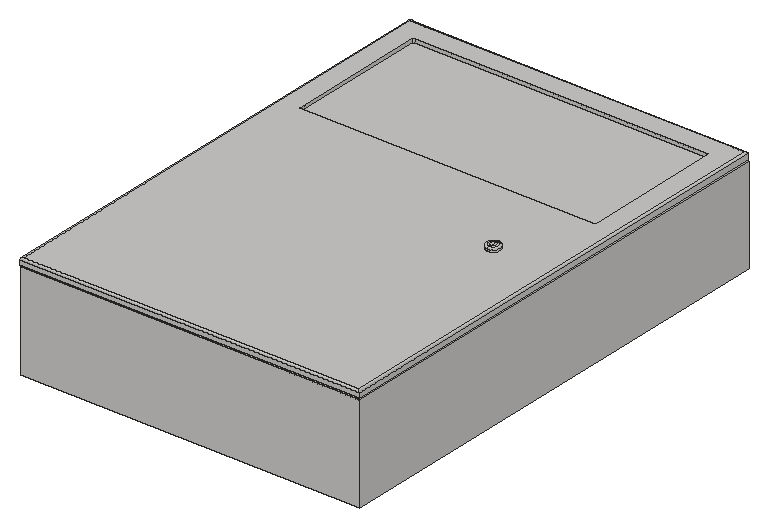
Revit family "PRD_AR_WstBns_RODANWasteBin_RODX606_RODX606E", category Specialty Equipment, host Face, Revit 2018
Family settings
  Host = Face
  Round Connector Dimension = Use Diameter
  Part Type = Normal
  OmniClass Number = 23.40.20.31.11
  OmniClass Title = Bins
  Cut with Voids When Loaded = Yes
  Shared = No
  Room Calculation Point = No
Parameters (values of type "RODX606")
  WasteBinMaterial = PRD_AR_StainlessSteel_SatinFinished
  WarrantyStartDate [instance] = "1900-12-31T23:59:59"
  WarrantyGuarantorParts = "n/a"
  WarrantyGuarantorLabor = "n/a"
  WarrantyDurationUnit = "year"
  WarrantyDurationParts = "n/a"
  WarrantyDurationLabor = "n/a"
  WarrantyDescription = "n/a"
  VoidOffset = 110.00 mm
  Version = "1"
  Uniclass2015Version = "Products v1.10"
  Uniclass2015Title = "Waste bins"
  Uniclass2015Code = "Pr_40_50_07_96"
  URL = "www.kwc.com"
  TypeOfMounting = "Wall mounting"
  TypeOfFixing = "Screw"
  Type = RODX606 : RODX606
  TagNumber [instance] = "n/a"
  SustainabilityPerformance = "n/a"
  Style = "waste bin"
  Size = "495 x 710 x 153 mm"
  Shape = "n/a"
  SerialNumber [instance] = "n/a"
  Revision = "n/a"
  ReplacementCost = "n/a"
  ProductInformation = "https://pim.kwc.com/product/2000101346/attachment/datasheet?locale=en"
  NominalWidth = 495.00 mm
  NominalHeight = 710.00 mm
  NominalDepth = 153.00 mm
  NetWeight = 7.62 kg
  Name = "Waste Bin RODX606"
  NBSTypeID = "n/a"
  NBSReference = "45-35-72/380"
  NBSOfficeMasterTag = "n/a"
  NBSNote = "n/a"
  NBSDescription = "Waste bins"
  NBSCertification = "n/a"
  ModelReference = "RODX606"
  ModelOffset = 142.00 mm
  ModelNumber = "2000101346"
  Model = ModelReference  # "RODX606"
  MaterialThickness = "0.80 mm"
  MaterialCode = "1.4301"
  Material = "stainless steel"
  ManufacturerURL = "www.kwc.com"
  ManufacturerName = "KWC Group AG"  # constant formula
  Manufacturer = ManufacturerName  # "KWC Group AG"
  MainColor = "stainless steel"
  Lock = "Key-lock"
  Lid = "Yes"
  IsBuiltIn = "TRUE"
  IntegralAccessories = "incl. stainless steel screws and dowels"
  InstallationDate [instance] = "1900-12-31T23:59:59"
  IfcExportType = "USERDEFINED"
  IfcExportAs = "IfcFurnitureType"
  GrossWeight = 9.15 kg
  Grade = "n/a"
  Finish = "satin finished"
  FillingVolume = "45.00 liter"
  Features = "stainless steel, surface satin finished"
  ExpectedLife = "n/a"
  DurationUnit = "year"
  Description = "Waste bin for wall mounting, stainless steel, surface satin finished, material thickness 0.8 mm, folding self closing lid, with integrated bag holder, cylinder lock with KWC standard key, inclusive stainless steel screws and dowels. Capacity approx. 45 liters."
  Default Elevation = 800.00 mm
  CreateOn = "11/2019"  # constant formula
  Constituents = "n/a"
  Color = "n/a"
  CodePerformance = "n/a"
  Category = "Pr_40_50_07_96, Waste bins"
  BarCode [instance] = "n/a"
  BagHolder = "Integrated"
  BIMObjectName = "PRD_AR_WasteBins_RODANWasteBin_RODX606"
  Author = "Archispace"  # constant formula
  AssetType = "Fixed"
  AssetIdentifier [instance] = "n/a"
  AccessibilityPerformance = "n/a"
Types (2, lengths in mm): name | VoidOffset | TypeOfMounting | Type | Size | ProductInformation | NominalWidth | NominalHeight | NetWeight | Name | ModelReference | ModelOffset | ModelNumber | Model | GrossWeight | Description | BIMObjectName
  RODX606 | 110.00 | "Wall mounting" | RODX606 : RODX606 | "495 x 710 x 153 mm" | "https://pim.kwc.com/product/2000101346/attachment/datasheet?locale=en" | 495.00 | 710.00 | 7.62 kg | "Waste Bin RODX606" | "RODX606" | 142.00 | "2000101346" | "RODX606" | 9.15 kg | "Waste bin for wall mounting, stainless steel, surface satin finished, material thickness 0.8 mm, folding self closing lid, with integrated bag holder, cylinder lock with KWC standard key, inclusive stainless steel screws and dowels. Capacity approx. 45 liters." | "PRD_AR_WasteBins_RODANWasteBin_RODX606"
  RODX606E | 133.00 | "Recessed mounting" | RODX606E : RODX606E | "535 x 750 x 153 mm" | "https://pim.kwc.com/product/2000101348/attachment/datasheet?locale=en" | 535.00 | 750.00 | 8.34 kg | "Waste Bin RODX606E" | "RODX606E" | 0.00 | "2000101348" | "RODX606E" | 10.01 kg | "Waste bin for recessed mounting, stainless steel, surface satin finished, material thickness 0.8 mm, folding self closing lid, with integrated bag holder, cylinder lock with KWC standard key, inclusive stainless steel screws and dowels. Capacity approx. 45 liters." | "PRD_AR_WasteBins_RODANWasteBin_RODX606E"
Reference planes
  plane 1 "Center (Front/Back)": y = 0
  plane 2: z = 0
  plane 3 "Center (Left/Right)": x = 0
  plane 4: z = 0
  plane 5: z = 142
  plane 6: z = 32
  plane 7: y = 355
  plane 8: y = -355
  plane 9: x = 247.5
  plane 10: x = -247.5
Forms (mm)
  Extrusion 1, void
    sketch origin (0, 0, 0) x (0, 1, 0) y (0, 0, 1)
      loop
        line (355, 142) -> (-355, 142) -> (-355, 32) -> (355, 32) -> (355, 142)
    from -247.5 to 247.5
Dimensions and locks
  "ModelOffset": plane 5 to level
  "VoidOffset": plane 5 to plane 6
  plane 7 to plane 8 = 710.00 mm
  equal spacing: plane 7, plane 1 "Center (Front/Back)", plane 8
  equal spacing: plane 10, plane 3 "Center (Left/Right)", plane 9
  plane 10 to plane 9 = 495.00 mm
  aligned and locked: plane 2 to host face
  aligned and locked: level to host face
  aligned and locked: plane 5 to Extrusion 1
  aligned and locked: Extrusion 1 to plane 6
  aligned and locked: plane 7 to Extrusion 1
  aligned and locked: Extrusion 1 to plane 8
  aligned and locked: Extrusion 1 to plane 9
  aligned and locked: plane 10 to Extrusion 1
Automatic sketch dimensions
  host sketch curve to host sketch curve = 1141.379 mm
  host sketch curve to host sketch curve = 1369.338 mm
  level to Extrusion 1 sketch curve = 142.00 mm
  level to Extrusion 1 sketch curve = 32.00 mm
  plane 1 "Center (Front/Back)" to Extrusion 1 sketch curve = 355.00 mm
  Extrusion 1 sketch curve to plane 1 "Center (Front/Back)" = 355.00 mm
Nested families
  nested 1: "RODX606" at (0, 0, 0), Material <- "WasteBinMaterial", type <- "Type", type "RODX606"
Definition of nested family "RODX606"
  Parameters (values of type "2000101346-RODX606")
    Default Elevation = 1219.20 mm
    Material [instance] = none
  Reference planes
    plane 1 "Środek (Przód/Tył)": y = 0
    plane 2: z = 0
    plane 3 "Środek (Lewa/Prawa)": x = 0
  Forms (mm)
    Extrusion 1, solid, material <- "Material", detail levels fine
      sketch origin (0, 0, 100) x (0, 1, 0) y (0, 0, 1)
        loop
          line (355, 43) -> (-355, 43) -> (-355, -100) -> (355, -100) -> (355, 43)
      from -247.5 to 247.5
    Extrusion 2, solid, material <- "Material", detail levels coarse
      sketch origin (0, 0, 100) x (0, 1, 0) y (0, 0, 1)
        loop
          line (355, 43) -> (-355, 43) -> (-355, -100) -> (355, -100) -> (355, 43)
      from -247.5 to 247.5
    Extrusion 3, solid, material <- "Material", detail levels medium
      sketch origin (0, 0, 100) x (0, 1, 0) y (0, 0, 1)
        loop
          line (355, 43) -> (-355, 43) -> (-355, -100) -> (355, -100) -> (355, 43)
      from -247.5 to 247.5
    Sweep 4, void
      path in 3D
        loop
          line (247.5, -355, 143) -> (-247.5, -355, 143) -> (-247.5, 355, 143) -> (247.5, 355, 143) -> (247.5, -355, 143)
      profile origin (247.5, 0, 143) x (1, 0, 0) y (0, 0, 1)
        loop
          line (0, 0) -> (-2.5, 0)
          arc (-2.5, 0) -> (-0.732, -0.732) -> (0, -2.5) r 2.5
          line (0, -2.5) -> (0, 0)
    Extrusion 5, solid, material <- "Material", detail levels fine
      sketch origin (0, 0, 143) x (1, 0, 0) y (0, 1, 0)
        loop
          line (-247.5, 355) -> (-247.5, -355) -> (247.5, -355) -> (247.5, 355) -> (-247.5, 355)
      from 0 to 10
    Sweep 6, void
      path in 3D
        loop
          line (-247.5, -355, 153) -> (247.5, -355, 153) -> (247.5, 355, 153) -> (-247.5, 355, 153) -> (-247.5, -355, 153)
      profile origin (-247.5, 0, 153) x (1, 0, 0) y (0, 0, 1)
        loop
          line (0, 0) -> (0, -2.5)
          arc (0, -2.5) -> (0.732, -0.732) -> (2.5, 0) r 2.5
          line (2.5, 0) -> (0, 0)
    Extrusion 7, solid, material <- "Material", detail levels medium
      sketch origin (0, 0, 143) x (1, 0, 0) y (0, 1, 0)
        loop
          line (-247.5, 355) -> (-247.5, -355) -> (247.5, -355) -> (247.5, 355) -> (-247.5, 355)
      from 0 to 10
    Extrusion 8, void
      sketch origin (0, 0, 143) x (1, 0, 0) y (0, 1, 0)
        loop
          line (216, 115) -> (216, 323) -> (0, 323) -> (-216, 323) -> (-216, 115) -> (216, 115)
      from 4.951 to 11.669
    Extrusion 9, solid, material <- "Material", detail levels coarse
      sketch origin (0, 0, 143) x (1, 0, 0) y (0, 1, 0)
        loop
          line (-247.5, 355) -> (-247.5, -355) -> (247.5, -355) -> (247.5, 355) -> (-247.5, 355)
      from 0 to 10
    Revolve 10, solid, material <- "Material", detail levels fine
      sketch origin (159.299, -498.5, 139) x (0, 1, 0) y (0, 0, 1)
        loop
          line (508.475, 14) -> (508.475, 16.65)
          arc (508.475, 16.65) -> (507.889, 18.064) -> (506.475, 18.65) r 2
          line (506.475, 18.65) -> (504.716, 18.65)
          arc (504.716, 18.65) -> (504.35, 19.016) -> (503.85, 19.15) r 1
          line (503.85, 19.15) -> (498.5, 19.15) -> (498.5, 14) -> (508.475, 14)
        axis (498.5, 19.15) -> (498.5, 14)
      angle from 0 to 360
    Revolve 11, solid, material <- "Material", detail levels medium
      sketch origin (159.299, -498.5, 139) x (0, 1, 0) y (0, 0, 1)
        loop
          line (508.475, 14) -> (508.475, 19.15) -> (498.5, 19.15) -> (498.5, 14) -> (508.475, 14)
        axis (498.5, 19.15) -> (498.5, 14)
      angle from 0 to 360
    Extrusion 12, void
      sketch origin (0, 686.5, 0) x (0, -1, 0) y (1, 0, 0)
        loop
          line (366, -216) -> (569, -216)
          arc (569, -216) -> (570.768, -215.268) -> (571.5, -213.5) r 2.5
          line (571.5, -213.5) -> (571.5, 213.5)
          arc (571.5, 213.5) -> (570.768, 215.268) -> (569, 216) r 2.5
          line (569, 216) -> (366, 216)
          arc (366, 216) -> (364.232, 215.268) -> (363.5, 213.5) r 2.5
          line (363.5, 213.5) -> (363.5, -213.5)
          arc (363.5, -213.5) -> (364.232, -215.268) -> (366, -216) r 2.5
      from 147.951 to 157.65
  Cuts and joins
    Sweep 4, Extrusion 12 cuts Extrusion 1
    Sweep 6, Extrusion 12 cuts Extrusion 5
    Extrusion 12 cuts Extrusion 2
    Extrusion 12 cuts Extrusion 3
    Extrusion 8 cuts Extrusion 7
  Lines and regions (mm)
    sketch lines
      curve 1: line (247.5, 355, 143) -> (247.5, -355, 143)
      curve 2: line (247.5, 355, 143) -> (-247.5, 355, 143)
      curve 3: line (-247.5, -355, 143) -> (-247.5, 355, 143)
      curve 4: line (247.5, -355, 143) -> (-247.5, -355, 143)
      curve 5: line (-247.5, 355, 153) -> (-247.5, -355, 153)
      curve 6: line (247.5, 355, 153) -> (-247.5, 355, 153)
      curve 7: line (247.5, -355, 153) -> (247.5, 355, 153)
      curve 8: line (-247.5, -355, 153) -> (247.5, -355, 153)
  Dimensions and locks
    aligned and locked: level to plane 2
